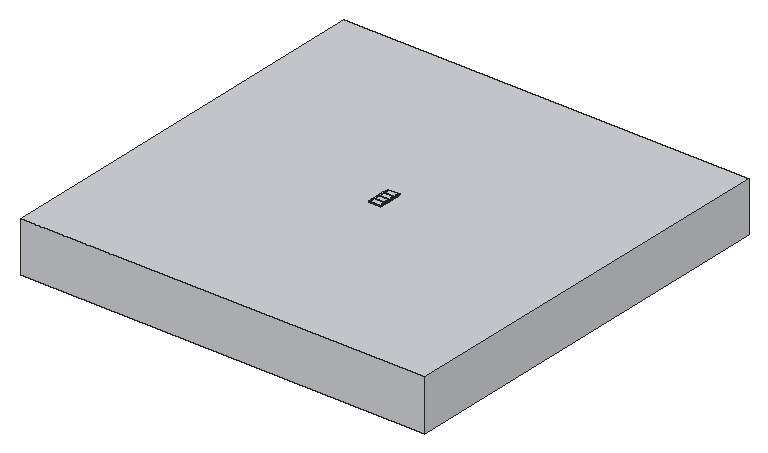
Revit family "Gira_2035112", category Elektroinstallationen, Revit 2017
Family settings
  Basisbauteil = Fläche
  Beschriftungsausrichtung beibehalten = Nein
  Bemaßung runder Anschluss = Durchmesser verwenden
  Teiletyp = Normal
  Beim Laden mit Abzugskörper schneiden = Nein
  Gemeinsam genutzt = Nein
  Raumberechnungspunkt = Nein
Parameters (values of type "KNX Tastsens.3 Komfort 4f (2+2) Flächenschalter Reinweiß")
  Werkstoffgüte = "Thermoplast"
  Werkstoff Text = "Kunststoff"
  Default Elevation = 1219.2 mm
  URL = "https://www.gira.de/"
  Typname = "KNX Tastsens.3 Komfort 4f (2+2) Flächenschalter Reinweiß"
  Type Comments = ""
  Transparent = no
  Schutzart (IP) = "IP20"
  RAL-Nummer (ähnlich) = 9010
  Produktseite = "https://media.stage.bim.site/t/eyJhbGciOiJIUzI1NiIsInR5cCI6IkpXVCJ9.eyJjdCI6MiwidHUiOiJodHRwOi8va2F0YWxvZy5naXJhLmRlL2RlX0RFL2RhdGVuYmxhdHQuaHRtbD9hcnRpa2VsbnI9MjAzNTExMiIsImNpZCI6IjMyNzdjYzIzLTgxYTktNGVlMy1hOTBhLWI0N2JiNGMwYjYxNiIsInJpZCI6IjM4MmRlMTA5N2NjZDYzZDA3MDg5NTM0YWY0NDNiYjU0IiwicGlkIjoiZjJhNmE5MTIyOWJlMDJkZjM4ZmNlNmU2ZGVkNjdlZGQ1MzFjNDg0NSIsInNpZCI6IjYzNDcwIiwidXQiOjEsImxjIjoiZGUiLCJpYXQiOjE2MDA5Mzg0NjcsImlzcyI6Imh0dHBzOi8vYXBpLmxpdmUuYmltLnNpdGUiLCJzdWIiOiJhZG1pbkBiaW1zaXRlLmRldiJ9.65-MGr-n7BuEOCiZ81IE1aITE_EVvcQxjluS4e5XafU"
  Oberfläche Text = "sonstige"
  Montageart = "Unterputz"
  Model = ""
  Mit Raumthermostat = yes
  Mit LED-Anzeige = yes
  Mit Infrarotsensor = no
  Mit Display = no
  Mit Diebstahl-/Demontageschutz = yes
  Mit Busankopplung = no
  Mit Beschriftungsfeld = no
  Kosten = 0
  Hersteller = "Gira"
  HeinzeBIM = "https://www.heinze.de/bim/knx-tastsens-3-komfort-4f-2-2-flaechenschalter-reinweiss/f2a6a91229be02df38fce6e6ded67edd531c4845"
  HAN = "2035112"
  GTIN = "4010337081869"
  Farbe = "weiß"
  Datenblatt 1 = "https://media.stage.bim.site/t/eyJhbGciOiJIUzI1NiIsInR5cCI6IkpXVCJ9.eyJjdCI6MSwidGYiOiJwdWJsaWMvZ2lyYS9hZThjNTU3LzIwMzUxMTIudHh0IiwiY2lkIjoiMzI3N2NjMjMtODFhOS00ZWUzLWE5MGEtYjQ3YmI0YzBiNjE2IiwicmlkIjoiMzgyZGUxMDk3Y2NkNjNkMDcwODk1MzRhZjQ0M2JiNTQiLCJwaWQiOiJmMmE2YTkxMjI5YmUwMmRmMzhmY2U2ZTZkZWQ2N2VkZDUzMWM0ODQ1Iiwic2lkIjoiNjM0NzAiLCJ1dCI6MSwibGMiOiJkZSIsImlhdCI6MTYwMDkzODQ2NywiaXNzIjoiaHR0cHM6Ly9hcGkubGl2ZS5iaW0uc2l0ZSIsInN1YiI6ImFkbWluQGJpbXNpdGUuZGV2In0.xkHaZbtO-FEhedEk_6X7svE_01_73lU4tHtet-8Xfls/2035112.txt"
  Datenblatt = "https://media.stage.bim.site/t/eyJhbGciOiJIUzI1NiIsInR5cCI6IkpXVCJ9.eyJjdCI6MSwidHUiOiJodHRwczovL2thdGFsb2cuZ2lyYS5kZS9kZV9ERS9kb3dubG9hZC5odG1sP2FydGlrZWxucj0yMDM1MTEyIiwiY2lkIjoiMzI3N2NjMjMtODFhOS00ZWUzLWE5MGEtYjQ3YmI0YzBiNjE2IiwicmlkIjoiMzgyZGUxMDk3Y2NkNjNkMDcwODk1MzRhZjQ0M2JiNTQiLCJwaWQiOiJmMmE2YTkxMjI5YmUwMmRmMzhmY2U2ZTZkZWQ2N2VkZDUzMWM0ODQ1Iiwic2lkIjoiNjM0NzAiLCJ1dCI6MSwibGMiOiJkZSIsImlhdCI6MTYwMDkzODQ2NywiaXNzIjoiaHR0cHM6Ly9hcGkubGl2ZS5iaW0uc2l0ZSIsInN1YiI6ImFkbWluQGJpbXNpdGUuZGV2In0.293ByvOb4UyshR2IKVllVKisuxpFXQ89JE99vZcgIrY"
  Bussystem Powernet = no
  Bussystem LON = no
  Bussystem KNX-Funk = no
  Bussystem KNX = yes
  Bussystem Funkbus = no
  Beschreibung = "KNX Tastsensor 3 Komfort 4fach (2+2)  Reinweiß glänzend Merkmale:  Montage auf Busankoppler 3.  Demontageschutz durch Verschraubung.  Zwei mehrfarbige Status-LEDs je Bedienfläche.  Integrierter Temperatursensor zum Messen und Weiterleiten der lokalen Raumtemperatur.  Wippen- oder Tastenfunktion für jede Bedienfläche einstellbar.  Wippenfunktion: Schalten, Dimmen, Jalousiesteuerung, Wertgeber 1 Byte, Wertgeber 2 Byte und Szenennebenstelle.  Tastenfunktion: Schalten, Dimmen, Jalousiesteuerung, Wertgeber 1 Byte, Wertgeber 2 Byte, Szenennebenstelle und Raumtemperaturregler-Nebenstelle.  Reglernebenstelle: Betriebsmodusumschaltung mit normaler und hoher Priorität, definierte Wahl eines Betriebsmodus, Wechsel zwischen verschiedenen Betriebsmodi, Wechsel des Präsenzzustands, Sollwertverschiebung.  Sperrobjekt zum Sperren von einzelnen Tasten- bzw. Wippenfunktionen.  Anzeige einer Alarmmeldung durch Blinken sämtlicher LEDs.  Mehrfarbige Status-LED (rot, grün, blau) ist global oder jeweils getrennt konfigurierbar. Über den Bus kann eine überlagerte Funktion aktiviert werden, wodurch Farbe und Anzeigeinformation einzelner Status-LEDs prioritätsbedingt verändert werden können.  Weiße Betriebs-LED.  Betriebs-LED EIN, AUS, automatische Abschaltung oder über Objekt schaltbar.  Kommunikationsobjekt zur Helligkeitssteuerung der Status-LED und Betriebs-LED (z. B. für nächtliche Reduzierung der Helligkeit in Schlafräumen).  Hinweise :  Professionelle Beschriftung über den Gira Beschriftungsservice www.beschriftung.gira.de."
  Assembly Code = ""
  Keynote = ""
  BIMSITE_PRODUCT_ID = "f2a6a91229be02df38fce6e6ded67edd531c4845"
  BIM = "https://media.stage.bim.site/t/eyJhbGciOiJIUzI1NiIsInR5cCI6IkpXVCJ9.eyJjdCI6MSwidGYiOiJwdWJsaWMvZ2lyYS9hZThjNTU3L0tOWCBUYXN0c2Vuc29yIDMgS29tZm9ydCA0ZmFjaCAoMisyKS5yZmEiLCJjaWQiOiIzMjc3Y2MyMy04MWE5LTRlZTMtYTkwYS1iNDdiYjRjMGI2MTYiLCJyaWQiOiIzODJkZTEwOTdjY2Q2M2QwNzA4OTUzNGFmNDQzYmI1NCIsInBpZCI6ImYyYTZhOTEyMjliZTAyZGYzOGZjZTZlNmRlZDY3ZWRkNTMxYzQ4NDUiLCJzaWQiOiI2MzQ3MCIsInV0Ijo1LCJsYyI6ImRlIiwiaWF0IjoxNjAwOTM4NDY3LCJpc3MiOiJodHRwczovL2FwaS5saXZlLmJpbS5zaXRlIiwic3ViIjoiYWRtaW5AYmltc2l0ZS5kZXYifQ.h3QU72MrwMOTZm4Dr8Y32EFpbOkRigAfPvg3wETpvF4/KNX Tastsensor 3 Komfort 4fach (2+2).rfa"
  Ausführung der Oberfläche = "glänzend"
  Anzahl der Tasten = 4
  Anzahl der Betätigungspunkte = 8
  Andere Bussysteme = "ohne"
Reference planes
  plane 1 "Center (Front/Back)": y = 0
  plane 2: z = 0
  plane 3 "Center (Left/Right)": x = 0
  plane 4: y = 71.03
  plane 5: y = -71.03
Forms (mm)
  Extrusion 1, solid
    sketch origin (0, 0, 0) x (1, 0, 0) y (0, 1, 0)
      loop
        line (-1219.2, 1219.2) -> (-1219.2, -1219.2) -> (1219.2, -1219.2) -> (1219.2, 1219.2) -> (-1219.2, 1219.2)
    from 0 to -304.8
  Extrusion 2, solid, not visible
    sketch origin (0, 0, 0) x (1, 0, 0) y (0, 1, 0)
      loop
        line (-1219.2, 1219.2) -> (-1219.2, -1219.2) -> (1219.2, -1219.2) -> (1219.2, 1219.2) -> (-1219.2, 1219.2)
    from 0 to -304.8
  Extrusion 3, solid, not visible, detail levels fine
    sketch origin (0, 0, 0) x (1, 0, 0) y (0, 0, 1)
      loop
        line (-35.204, 3.097) -> (-35.258, 0) -> (-34.021, 0) -> (-33.888, 1.9) -> (33.888, 1.9) -> (34.021, 0) -> (35.258, 0) -> (35.204, 3.097) -> (34.204, 3.884) -> (35.165, 5.362) -> (35.143, 6.6) -> (-35.143, 6.6) -> (-35.165, 5.362) -> (-34.204, 3.884) -> (-35.204, 3.097)
    from -35.386 to -0.115
  Extrusion 4, solid, not visible, detail levels fine
    sketch origin (0, 0, 0) x (1, 0, 0) y (0, 0, 1)
      loop
        line (-34.914, -3.101) -> (34.914, -3.101) -> (34.835, -1.601) -> (33.811, -1.601) -> (33.523, 1.699) -> (-33.523, 1.699) -> (-33.811, -1.601) -> (-34.835, -1.601) -> (-34.914, -3.101)
    from -35 to 34.963
  SweptBlend 5, solid, not visible, detail levels fine
    path origin (0, 0, 0) x (0, 1, 0) y (0, 0, 1)
      loop
        line (0, -4.751) -> (0, -3.101)
    profile origin (0, 0, -4.751) x (0, -1, 0) y (1, 0, 0)
      loop
        line (-33.684, -33.637) -> (33.649, -33.637) -> (33.649, 33.637) -> (-33.684, 33.637) -> (-33.684, -33.637)
    end profile origin (0, 0, -3.101) x (0, -1, 0) y (1, 0, 0)
      loop
        line (33.94, -33.987) -> (33.94, 33.987) -> (-34.035, 33.987) -> (-34.035, -33.987) -> (33.94, -33.987)
  Extrusion 6, solid, not visible, detail levels fine
    sketch origin (0, 0, 0) x (1, 0, 0) y (0, 1, 0)
      loop
        line (-23.957, 19.167) -> (-23.957, 7.073) -> (-25.607, 7.073) -> (-25.607, -7.04) -> (-23.957, -7.04) -> (-23.957, -19.133)
        arc (-23.957, -19.133) -> (-22.549, -22.532) -> (-19.15, -23.94) r 4.807
        line (-19.15, -23.94) -> (19.15, -23.94)
        arc (19.15, -23.94) -> (22.549, -22.532) -> (23.957, -19.133) r 4.807
        line (23.957, -19.133) -> (23.957, -7.04) -> (25.607, -7.04) -> (25.607, 7.073) -> (23.957, 7.073) -> (23.957, 19.167)
        arc (23.957, 19.167) -> (22.549, 22.565) -> (19.15, 23.973) r 4.807
        line (19.15, 23.973) -> (-19.15, 23.973)
        arc (-19.15, 23.973) -> (-22.549, 22.565) -> (-23.957, 19.167) r 4.807
      loop
        line (-23.8, 6.217) -> (-24.95, 6.217) -> (-24.95, -6.183) -> (-23.843, -6.183) -> (-17.1, -3.181) -> (-17.1, 3.214) -> (-23.8, 6.217)
      loop
        line (23.843, 6.217) -> (17.1, 3.214) -> (17.1, -3.181) -> (23.8, -6.183) -> (24.95, -6.183) -> (24.95, 6.217) -> (23.843, 6.217)
    from -4.501 to -7.001
  Extrusion 7, solid, not visible, detail levels fine
    sketch origin (0, 0, 0) x (1, 0, 0) y (0, 1, 0)
      loop
        line (18.766, 1.305) -> (18.766, -1.275) -> (21, -2.565) -> (23.234, -1.275) -> (23.234, 1.305) -> (21, 2.595) -> (18.766, 1.305)
      loop
        line (-23.234, 1.305) -> (-23.234, -1.275) -> (-21, -2.565) -> (-18.766, -1.275) -> (-18.766, 1.305) -> (-21, 2.595) -> (-23.234, 1.305)
    from -5.101 to -7.001
  Extrusion 8, solid, not visible, detail levels fine
    sketch origin (0, 0, 0) x (1, 0, 0) y (0, 1, 0)
      loop
        line (-6.603, -21.281) -> (-6.603, -15.981) -> (6.603, -15.981) -> (6.603, -21.281) -> (7.397, -21.281) -> (7.397, -15.186) -> (-7.397, -15.186) -> (-7.397, -21.281) -> (-6.603, -21.281)
    from -7.301 to -10.401
  Extrusion 9, solid, not visible, detail levels fine
    sketch origin (0, 0, 0) x (1, 0, 0) y (0, 1, 0)
      loop
        line (-8.504, -14.749) -> (-8.504, -22.758) -> (8.504, -22.758) -> (8.504, -14.749) -> (-8.504, -14.749)
      loop
        circle (-5.08, -17.483) r 0.5
      loop
        circle (-2.54, -17.483) r 0.5
      loop
        circle (0, -17.483) r 0.5
      loop
        circle (2.54, -17.483) r 0.5
      loop
        circle (5.08, -17.483) r 0.5
      loop
        circle (5.08, -20.023) r 0.5
      loop
        circle (2.54, -20.023) r 0.5
      loop
        circle (0, -20.023) r 0.5
      loop
        circle (-2.54, -20.023) r 0.5
      loop
        circle (-5.08, -20.023) r 0.5
    from -6.527 to -7.301
  Extrusion 10, solid, not visible, detail levels fine
    sketch origin (0, 0, 0) x (1, 0, 0) y (0, 1, 0)
      loop
        line (-6.603, -18.141) -> (-6.603, -15.981) -> (-0.888, -15.981) -> (-0.888, -15.186) -> (-7.397, -15.186) -> (-7.397, -18.141) -> (-6.603, -18.141)
      loop
        line (6.603, -18.141) -> (7.397, -18.141) -> (7.397, -15.186) -> (0.888, -15.186) -> (0.888, -15.981) -> (6.603, -15.981) -> (6.603, -18.141)
    from -10.401 to -15.001
  Extrusion 11, solid, not visible, detail levels fine
    sketch origin (0, 0, 0) x (1, 0, 0) y (0, 1, 0)
      loop
        line (-14.008, -23.94) -> (-14.008, -25.541) -> (-12.361, -25.541) -> (-12.361, -24.233) -> (-9.639, -24.233) -> (-9.639, -25.541) -> (-7.992, -25.541) -> (-7.992, -23.94) -> (-14.008, -23.94)
    from -4.501 to -6.101
  Extrusion 12, solid, not visible, detail levels fine
    sketch origin (0, 0, 0) x (-1, 0, 0) y (0, -1, 0)
      loop
        line (-14.008, 23.94) -> (-7.992, 23.94) -> (-7.992, 25.541) -> (-9.639, 25.541) -> (-9.639, 24.233) -> (-12.361, 24.233) -> (-12.361, 25.541) -> (-14.008, 25.541) -> (-14.008, 23.94)
    from -4.501 to -6.101
  Extrusion 13, solid, not visible, detail levels fine
    sketch origin (0, 0, 0) x (-1, 0, 0) y (0, -1, 0)
      loop
        line (-14.008, -23.867) -> (-14.008, -25.574) -> (-12.361, -25.574) -> (-12.361, -24.233) -> (-9.639, -24.233) -> (-9.639, -25.574) -> (-7.992, -25.574) -> (-7.992, -23.867) -> (-14.008, -23.867)
    from -4.501 to -6.101
  Extrusion 14, solid, not visible, detail levels fine
    sketch origin (0, 0, 0) x (1, 0, 0) y (0, 1, 0)
      loop
        line (-14.008, 23.867) -> (-7.992, 23.867) -> (-7.992, 25.574) -> (-9.639, 25.574) -> (-9.639, 24.233) -> (-12.361, 24.233) -> (-12.361, 25.574) -> (-14.008, 25.574) -> (-14.008, 23.867)
    from -4.501 to -6.101
  Revolve 15, solid, not visible, detail levels fine
    sketch origin (0, 17.743, 0) x (1, 0, 0) y (0, 0, 1)
      loop
        line (-29, 7) -> (-30.327, 6) -> (-28, 6) -> (-28, 7) -> (-29, 7)
      axis (-28, 7) -> (-28, 6)
    angle from 0 to 360
  Extrusion 16, solid, not visible, detail levels coarse
    sketch origin (0, 0, 0) x (1, 0, 0) y (0, 1, 0)
      loop
        line (35.258, 35.386) -> (-35.258, 35.386) -> (-35.258, -35.355) -> (35.258, -35.355) -> (35.258, 35.386)
    from -18.904 to 7
  Extrusion 17, solid, not visible, detail levels medium
    sketch origin (0, 0, 0) x (1, 0, 0) y (0, 1, 0)
      loop
        line (35.258, 35.386) -> (-35.258, 35.386) -> (-35.258, 0.115) -> (35.258, 0.115) -> (35.258, 35.386)
    from 0 to 7
  Extrusion 18, solid, not visible, detail levels medium
    sketch origin (0, 0, 0) x (1, 0, 0) y (0, 1, 0)
      loop
        line (-34.914, 35.017) -> (-34.914, -34.994) -> (34.914, -34.994) -> (34.914, 35.017) -> (-34.914, 35.017)
    from 0 to -4.754
  Extrusion 19, solid, not visible, detail levels medium
    sketch origin (0, 0, 0) x (1, 0, 0) y (0, 1, 0)
      loop
        line (-23.957, 23.973) -> (-23.957, -23.94) -> (23.957, -23.94) -> (23.957, 23.973) -> (-23.957, 23.973)
    from -7.001 to -4.751
  Extrusion 20, solid, not visible, detail levels medium
    sketch origin (0, 0, 0) x (1, 0, 0) y (0, 1, 0)
      loop
        line (-7.397, -15.186) -> (-7.397, -21.281) -> (7.397, -21.281) -> (7.397, -15.186) -> (-7.397, -15.186)
    from -15.001 to 0
  Extrusion 21, solid, not visible, detail levels fine
    sketch origin (0, 0, 0) x (1, 0, 0) y (0, 1, 0)
      loop
        circle (-21.002, 0.017) r 1.5
      loop
        circle (21.002, 0.017) r 1.5
    from -9.604 to -5.101
  Extrusion 22, solid, not visible, detail levels fine
    sketch origin (0, 0, 0) x (1, 0, 0) y (0, 0, 1)
      loop
        line (-24.092, -5.101) -> (-25.266, -10.462)
        arc (-25.266, -10.462) -> (-25.344, -11.857) -> (-24.981, -13.206) r 4.4
        line (-24.981, -13.206) -> (-23.425, -16.671) -> (-23.055, -17.494)
        arc (-23.055, -17.494) -> (-22.984, -18.085) -> (-23.262, -18.612) r 1
        arc (-23.262, -18.612) -> (-22.789, -18.919) -> (-22.319, -18.607) r 0.514
        arc (-22.319, -18.607) -> (-22.168, -17.886) -> (-22.326, -17.166) r 1.8
        line (-22.326, -17.166) -> (-22.695, -16.344) -> (-24.252, -12.879)
        arc (-24.252, -12.879) -> (-24.548, -11.775) -> (-24.484, -10.634) r 3.6
        line (-24.484, -10.634) -> (-23.273, -5.101) -> (-24.092, -5.101)
    from -5.999 to -3.15
  Extrusion 23, solid, not visible, detail levels fine
    sketch origin (0, 0, 0) x (1, 0, 0) y (0, 0, -1)
      loop
        line (-24.092, 5.101) -> (-23.273, 5.101) -> (-24.484, 10.634)
        arc (-24.484, 10.634) -> (-24.548, 11.775) -> (-24.252, 12.879) r 3.6
        line (-24.252, 12.879) -> (-22.695, 16.344) -> (-22.326, 17.166)
        arc (-22.326, 17.166) -> (-22.168, 17.886) -> (-22.319, 18.607) r 1.8
        arc (-22.319, 18.607) -> (-22.789, 18.919) -> (-23.262, 18.612) r 0.514
        arc (-23.262, 18.612) -> (-22.984, 18.085) -> (-23.055, 17.494) r 1
        line (-23.055, 17.494) -> (-23.425, 16.671) -> (-24.981, 13.206)
        arc (-24.981, 13.206) -> (-25.344, 11.857) -> (-25.266, 10.462) r 4.4
        line (-25.266, 10.462) -> (-24.092, 5.101)
    from -5.999 to -3.15
  Extrusion 24, solid, not visible, detail levels fine
    sketch origin (0, 0, 0) x (-1, 0, 0) y (0, 0, -1)
      loop
        line (-24.092, 5.101) -> (-23.273, 5.101) -> (-24.484, 10.634)
        arc (-24.484, 10.634) -> (-24.548, 11.775) -> (-24.252, 12.879) r 3.6
        line (-24.252, 12.879) -> (-22.695, 16.344) -> (-22.326, 17.166)
        arc (-22.326, 17.166) -> (-22.168, 17.886) -> (-22.319, 18.607) r 1.8
        arc (-22.319, 18.607) -> (-22.789, 18.919) -> (-23.262, 18.612) r 0.514
        arc (-23.262, 18.612) -> (-22.984, 18.085) -> (-23.055, 17.494) r 1
        line (-23.055, 17.494) -> (-23.425, 16.671) -> (-24.981, 13.206)
        arc (-24.981, 13.206) -> (-25.344, 11.857) -> (-25.266, 10.462) r 4.4
        line (-25.266, 10.462) -> (-24.092, 5.101)
    from -5.999 to -3.15
  Extrusion 25, solid, not visible, detail levels fine
    sketch origin (0, 0, 0) x (-1, 0, 0) y (0, 0, 1)
      loop
        line (-24.092, -5.101) -> (-25.266, -10.462)
        arc (-25.266, -10.462) -> (-25.344, -11.857) -> (-24.981, -13.206) r 4.4
        line (-24.981, -13.206) -> (-23.425, -16.671) -> (-23.055, -17.494)
        arc (-23.055, -17.494) -> (-22.984, -18.085) -> (-23.262, -18.612) r 1
        arc (-23.262, -18.612) -> (-22.789, -18.919) -> (-22.319, -18.607) r 0.514
        arc (-22.319, -18.607) -> (-22.168, -17.886) -> (-22.326, -17.166) r 1.8
        line (-22.326, -17.166) -> (-22.695, -16.344) -> (-24.252, -12.879)
        arc (-24.252, -12.879) -> (-24.548, -11.775) -> (-24.484, -10.634) r 3.6
        line (-24.484, -10.634) -> (-23.273, -5.101) -> (-24.092, -5.101)
    from -5.999 to -3.15
  Extrusion 26, solid, not visible, detail levels medium
    sketch origin (0, 0, 0) x (1, 0, 0) y (0, 0, 1)
      loop
        line (-22.422, -18.904) -> (-21.545, -18.904) -> (-24.739, -11.795) -> (-23.273, -5.101) -> (-24.092, -5.101) -> (-25.577, -11.881) -> (-22.422, -18.904)
    from -5.999 to 6
  Extrusion 27, solid, not visible, detail levels medium
    sketch origin (0, 0, 0) x (-1, 0, 0) y (0, 0, -1)
      loop
        line (-22.422, 18.904) -> (-25.577, 11.881) -> (-24.092, 5.101) -> (-23.273, 5.101) -> (-24.739, 11.795) -> (-21.545, 18.904) -> (-22.422, 18.904)
    from -5.999 to 6
  Extrusion 28, solid, not visible, detail levels medium
    sketch origin (0, 0, 0) x (1, 0, 0) y (0, 1, 0)
      loop
        line (-22.502, 1.517) -> (-22.502, -1.483) -> (-19.502, -1.483) -> (-19.502, 1.517) -> (-22.502, 1.517)
      loop
        line (22.502, 1.517) -> (19.502, 1.517) -> (19.502, -1.483) -> (22.502, -1.483) -> (22.502, 1.517)
    from -9.604 to -5.101
  Extrusion 29, solid, not visible, detail levels fine
    sketch origin (0, 0, 0) x (1, 0, 0) y (0, 0, -1)
      loop
        line (-35.204, -3.097) -> (-34.204, -3.884) -> (-35.165, -5.362) -> (-35.143, -6.6) -> (35.143, -6.6) -> (35.165, -5.362) -> (34.204, -3.884) -> (35.204, -3.097) -> (35.258, 0) -> (34.021, 0) -> (33.888, -1.9) -> (-33.888, -1.9) -> (-34.021, 0) -> (-35.258, 0) -> (-35.204, -3.097)
    from -35.386 to -0.115
  Extrusion 30, solid, not visible, detail levels medium
    sketch origin (0, 0, 0) x (1, 0, 0) y (0, 1, 0)
      loop
        line (35.258, -35.386) -> (35.258, -0.115) -> (-35.258, -0.115) -> (-35.258, -35.386) -> (35.258, -35.386)
    from 0 to 7
  Revolve 31, solid, not visible, detail levels fine
    sketch origin (0, -17.743, 0) x (1, 0, 0) y (0, 0, -1)
      loop
        line (-29, -7) -> (-28, -7) -> (-28, -6) -> (-30.327, -6) -> (-29, -7)
      axis (-28, -7) -> (-28, -6)
    angle from 0 to 360
  Revolve 32, solid, not visible, detail levels fine
    sketch origin (0, -17.743, 0) x (-1, 0, 0) y (0, 0, 1)
      loop
        line (-29, 7) -> (-30.327, 6) -> (-28, 6) -> (-28, 7) -> (-29, 7)
      axis (-28, 7) -> (-28, 6)
    angle from 0 to 360
  Revolve 33, solid, not visible, detail levels fine
    sketch origin (0, 17.743, 0) x (-1, 0, 0) y (0, 0, -1)
      loop
        line (-29, -7) -> (-28, -7) -> (-28, -6) -> (-30.327, -6) -> (-29, -7)
      axis (-28, -7) -> (-28, -6)
    angle from 0 to 360
  Extrusion 34, solid, detail levels fine
    sketch origin (0, 35.644, 0) x (1, 0, 0) y (0, 0, 1)
      loop
        line (-35.204, 3.097) -> (-35.258, 0) -> (-34.021, 0) -> (-33.888, 1.9) -> (33.888, 1.9) -> (34.021, 0) -> (35.258, 0) -> (35.204, 3.097) -> (34.204, 3.884) -> (35.165, 5.362) -> (35.143, 6.6) -> (-35.143, 6.6) -> (-35.165, 5.362) -> (-34.204, 3.884) -> (-35.204, 3.097)
    from -35.386 to -0.115
  Extrusion 35, solid, detail levels fine
    sketch origin (0, 35.644, 0) x (1, 0, 0) y (0, 0, 1)
      loop
        line (-34.914, -3.101) -> (34.914, -3.101) -> (34.835, -1.601) -> (33.811, -1.601) -> (33.523, 1.699) -> (-33.523, 1.699) -> (-33.811, -1.601) -> (-34.835, -1.601) -> (-34.914, -3.101)
    from -35 to 106.288
  SweptBlend 36, solid, detail levels fine
    path origin (0, 35.644, 0) x (0, 1, 0) y (0, 0, 1)
      loop
        line (0, -4.751) -> (0, -3.101)
    profile origin (0, 35.644, -4.751) x (0, -1, 0) y (1, 0, 0)
      loop
        line (-33.684, -33.637) -> (104.972, -33.637) -> (104.972, 33.637) -> (-33.684, 33.637) -> (-33.684, -33.637)
    end profile origin (0, 35.644, -3.101) x (0, -1, 0) y (1, 0, 0)
      loop
        line (-34.035, -33.987) -> (105.323, -33.987) -> (105.323, 33.987) -> (-34.035, 33.987) -> (-34.035, -33.987)
  Extrusion 37, solid, detail levels fine
    sketch origin (0, 35.644, 0) x (1, 0, 0) y (0, 1, 0)
      loop
        line (-23.957, 19.167) -> (-23.957, 7.073) -> (-25.607, 7.073) -> (-25.607, -7.04) -> (-23.957, -7.04) -> (-23.957, -19.133)
        arc (-23.957, -19.133) -> (-22.549, -22.532) -> (-19.15, -23.94) r 4.807
        line (-19.15, -23.94) -> (19.15, -23.94)
        arc (19.15, -23.94) -> (22.549, -22.532) -> (23.957, -19.133) r 4.807
        line (23.957, -19.133) -> (23.957, -7.04) -> (25.607, -7.04) -> (25.607, 7.073) -> (23.957, 7.073) -> (23.957, 19.167)
        arc (23.957, 19.167) -> (22.549, 22.565) -> (19.15, 23.973) r 4.807
        line (19.15, 23.973) -> (-19.15, 23.973)
        arc (-19.15, 23.973) -> (-22.549, 22.565) -> (-23.957, 19.167) r 4.807
      loop
        line (-23.8, 6.217) -> (-24.95, 6.217) -> (-24.95, -6.183) -> (-23.843, -6.183) -> (-17.1, -3.181) -> (-17.1, 3.214) -> (-23.8, 6.217)
      loop
        line (23.843, 6.217) -> (17.1, 3.214) -> (17.1, -3.181) -> (23.8, -6.183) -> (24.95, -6.183) -> (24.95, 6.217) -> (23.843, 6.217)
    from -4.501 to -7.001
  Extrusion 38, solid, detail levels fine
    sketch origin (0, 35.644, 0) x (1, 0, 0) y (0, 1, 0)
      loop
        line (18.766, 1.305) -> (18.766, -1.275) -> (21, -2.565) -> (23.234, -1.275) -> (23.234, 1.305) -> (21, 2.595) -> (18.766, 1.305)
      loop
        line (-23.234, 1.305) -> (-23.234, -1.275) -> (-21, -2.565) -> (-18.766, -1.275) -> (-18.766, 1.305) -> (-21, 2.595) -> (-23.234, 1.305)
    from -5.101 to -7.001
  Extrusion 39, solid, detail levels fine
    sketch origin (0, 35.644, 0) x (1, 0, 0) y (0, 1, 0)
      loop
        line (-6.603, -21.281) -> (-6.603, -15.981) -> (6.603, -15.981) -> (6.603, -21.281) -> (7.397, -21.281) -> (7.397, -15.186) -> (-7.397, -15.186) -> (-7.397, -21.281) -> (-6.603, -21.281)
    from -7.301 to -10.401
  Extrusion 40, solid, detail levels fine
    sketch origin (0, 35.644, 0) x (1, 0, 0) y (0, 1, 0)
      loop
        line (-8.504, -14.749) -> (-8.504, -22.758) -> (8.504, -22.758) -> (8.504, -14.749) -> (-8.504, -14.749)
      loop
        circle (-5.08, -17.483) r 0.5
      loop
        circle (-2.54, -17.483) r 0.5
      loop
        circle (0, -17.483) r 0.5
      loop
        circle (2.54, -17.483) r 0.5
      loop
        circle (5.08, -17.483) r 0.5
      loop
        circle (5.08, -20.023) r 0.5
      loop
        circle (2.54, -20.023) r 0.5
      loop
        circle (0, -20.023) r 0.5
      loop
        circle (-2.54, -20.023) r 0.5
      loop
        circle (-5.08, -20.023) r 0.5
    from -6.527 to -7.301
  Extrusion 41, solid, detail levels fine
    sketch origin (0, 35.644, 0) x (1, 0, 0) y (0, 1, 0)
      loop
        line (-6.603, -18.141) -> (-6.603, -15.981) -> (-0.888, -15.981) -> (-0.888, -15.186) -> (-7.397, -15.186) -> (-7.397, -18.141) -> (-6.603, -18.141)
      loop
        line (6.603, -18.141) -> (7.397, -18.141) -> (7.397, -15.186) -> (0.888, -15.186) -> (0.888, -15.981) -> (6.603, -15.981) -> (6.603, -18.141)
    from -10.401 to -15.001
  Extrusion 42, solid, detail levels fine
    sketch origin (0, 35.644, 0) x (1, 0, 0) y (0, 1, 0)
      loop
        line (-14.008, -23.94) -> (-14.008, -25.541) -> (-12.361, -25.541) -> (-12.361, -24.233) -> (-9.639, -24.233) -> (-9.639, -25.541) -> (-7.992, -25.541) -> (-7.992, -23.94) -> (-14.008, -23.94)
    from -4.501 to -6.101
  Extrusion 43, solid, detail levels fine
    sketch origin (0, 35.644, 0) x (-1, 0, 0) y (0, -1, 0)
      loop
        line (-14.008, 23.94) -> (-7.992, 23.94) -> (-7.992, 25.541) -> (-9.639, 25.541) -> (-9.639, 24.233) -> (-12.361, 24.233) -> (-12.361, 25.541) -> (-14.008, 25.541) -> (-14.008, 23.94)
    from -4.501 to -6.101
  Extrusion 44, solid, detail levels fine
    sketch origin (0, 35.644, 0) x (-1, 0, 0) y (0, -1, 0)
      loop
        line (-14.008, -23.867) -> (-14.008, -25.574) -> (-12.361, -25.574) -> (-12.361, -24.233) -> (-9.639, -24.233) -> (-9.639, -25.574) -> (-7.992, -25.574) -> (-7.992, -23.867) -> (-14.008, -23.867)
    from -4.501 to -6.101
  Extrusion 45, solid, detail levels fine
    sketch origin (0, 35.644, 0) x (1, 0, 0) y (0, 1, 0)
      loop
        line (-14.008, 23.867) -> (-7.992, 23.867) -> (-7.992, 25.574) -> (-9.639, 25.574) -> (-9.639, 24.233) -> (-12.361, 24.233) -> (-12.361, 25.574) -> (-14.008, 25.574) -> (-14.008, 23.867)
    from -4.501 to -6.101
  Revolve 46, solid, detail levels fine
    sketch origin (0, 53.387, 0) x (1, 0, 0) y (0, 0, 1)
      loop
        line (-29, 7) -> (-30.327, 6) -> (-28, 6) -> (-28, 7) -> (-29, 7)
      axis (-28, 7) -> (-28, 6)
    angle from 0 to 360
  Extrusion 47, solid, detail levels coarse
    sketch origin (0, 35.644, 0) x (1, 0, 0) y (0, 1, 0)
      loop
        line (35.258, 35.386) -> (-35.258, 35.386) -> (-35.258, -106.674) -> (35.258, -106.674) -> (35.258, 35.386)
    from -18.904 to 7
  Extrusion 48, solid, detail levels medium
    sketch origin (0, 35.644, 0) x (1, 0, 0) y (0, 1, 0)
      loop
        line (35.258, 35.386) -> (-35.258, 35.386) -> (-35.258, 0.115) -> (35.258, 0.115) -> (35.258, 35.386)
    from 0 to 7
  Extrusion 49, solid, detail levels medium
    sketch origin (0, 35.644, 0) x (1, 0, 0) y (0, 1, 0)
      loop
        line (-34.914, 35.017) -> (-34.914, -106.312) -> (34.914, -106.312) -> (34.914, 35.017) -> (-34.914, 35.017)
    from 0 to -4.754
  Extrusion 50, solid, detail levels medium
    sketch origin (0, 35.644, 0) x (1, 0, 0) y (0, 1, 0)
      loop
        line (-23.957, 23.973) -> (-23.957, -23.94) -> (23.957, -23.94) -> (23.957, 23.973) -> (-23.957, 23.973)
    from -7.001 to -4.751
  Extrusion 51, solid, detail levels medium
    sketch origin (0, 35.644, 0) x (1, 0, 0) y (0, 1, 0)
      loop
        line (-7.397, -15.186) -> (-7.397, -21.281) -> (7.397, -21.281) -> (7.397, -15.186) -> (-7.397, -15.186)
    from -15.001 to 0
  Extrusion 52, solid, detail levels fine
    sketch origin (0, 35.644, 0) x (1, 0, 0) y (0, 1, 0)
      loop
        circle (-21.002, 0.017) r 1.5
      loop
        circle (21.002, 0.017) r 1.5
    from -9.604 to -5.101
  Extrusion 53, solid, detail levels fine
    sketch origin (0, 35.644, 0) x (1, 0, 0) y (0, 0, 1)
      loop
        line (-24.092, -5.101) -> (-25.266, -10.462)
        arc (-25.266, -10.462) -> (-25.344, -11.857) -> (-24.981, -13.206) r 4.4
        line (-24.981, -13.206) -> (-23.425, -16.671) -> (-23.055, -17.494)
        arc (-23.055, -17.494) -> (-22.984, -18.085) -> (-23.262, -18.612) r 1
        arc (-23.262, -18.612) -> (-22.789, -18.919) -> (-22.319, -18.607) r 0.514
        arc (-22.319, -18.607) -> (-22.168, -17.886) -> (-22.326, -17.166) r 1.8
        line (-22.326, -17.166) -> (-22.695, -16.344) -> (-24.252, -12.879)
        arc (-24.252, -12.879) -> (-24.548, -11.775) -> (-24.484, -10.634) r 3.6
        line (-24.484, -10.634) -> (-23.273, -5.101) -> (-24.092, -5.101)
    from -5.999 to -3.15
  Extrusion 54, solid, detail levels fine
    sketch origin (0, 35.644, 0) x (1, 0, 0) y (0, 0, -1)
      loop
        line (-24.092, 5.101) -> (-23.273, 5.101) -> (-24.484, 10.634)
        arc (-24.484, 10.634) -> (-24.548, 11.775) -> (-24.252, 12.879) r 3.6
        line (-24.252, 12.879) -> (-22.695, 16.344) -> (-22.326, 17.166)
        arc (-22.326, 17.166) -> (-22.168, 17.886) -> (-22.319, 18.607) r 1.8
        arc (-22.319, 18.607) -> (-22.789, 18.919) -> (-23.262, 18.612) r 0.514
        arc (-23.262, 18.612) -> (-22.984, 18.085) -> (-23.055, 17.494) r 1
        line (-23.055, 17.494) -> (-23.425, 16.671) -> (-24.981, 13.206)
        arc (-24.981, 13.206) -> (-25.344, 11.857) -> (-25.266, 10.462) r 4.4
        line (-25.266, 10.462) -> (-24.092, 5.101)
    from -5.999 to -3.15
  Extrusion 55, solid, detail levels fine
    sketch origin (0, 35.644, 0) x (-1, 0, 0) y (0, 0, -1)
      loop
        line (-24.092, 5.101) -> (-23.273, 5.101) -> (-24.484, 10.634)
        arc (-24.484, 10.634) -> (-24.548, 11.775) -> (-24.252, 12.879) r 3.6
        line (-24.252, 12.879) -> (-22.695, 16.344) -> (-22.326, 17.166)
        arc (-22.326, 17.166) -> (-22.168, 17.886) -> (-22.319, 18.607) r 1.8
        arc (-22.319, 18.607) -> (-22.789, 18.919) -> (-23.262, 18.612) r 0.514
        arc (-23.262, 18.612) -> (-22.984, 18.085) -> (-23.055, 17.494) r 1
        line (-23.055, 17.494) -> (-23.425, 16.671) -> (-24.981, 13.206)
        arc (-24.981, 13.206) -> (-25.344, 11.857) -> (-25.266, 10.462) r 4.4
        line (-25.266, 10.462) -> (-24.092, 5.101)
    from -5.999 to -3.15
  Extrusion 56, solid, detail levels fine
    sketch origin (0, 35.644, 0) x (-1, 0, 0) y (0, 0, 1)
      loop
        line (-24.092, -5.101) -> (-25.266, -10.462)
        arc (-25.266, -10.462) -> (-25.344, -11.857) -> (-24.981, -13.206) r 4.4
        line (-24.981, -13.206) -> (-23.425, -16.671) -> (-23.055, -17.494)
        arc (-23.055, -17.494) -> (-22.984, -18.085) -> (-23.262, -18.612) r 1
        arc (-23.262, -18.612) -> (-22.789, -18.919) -> (-22.319, -18.607) r 0.514
        arc (-22.319, -18.607) -> (-22.168, -17.886) -> (-22.326, -17.166) r 1.8
        line (-22.326, -17.166) -> (-22.695, -16.344) -> (-24.252, -12.879)
        arc (-24.252, -12.879) -> (-24.548, -11.775) -> (-24.484, -10.634) r 3.6
        line (-24.484, -10.634) -> (-23.273, -5.101) -> (-24.092, -5.101)
    from -5.999 to -3.15
  Extrusion 57, solid, detail levels medium
    sketch origin (0, 35.644, 0) x (1, 0, 0) y (0, 0, 1)
      loop
        line (-22.422, -18.904) -> (-21.545, -18.904) -> (-24.739, -11.795) -> (-23.273, -5.101) -> (-24.092, -5.101) -> (-25.577, -11.881) -> (-22.422, -18.904)
    from -5.999 to 6
  Extrusion 58, solid, detail levels medium
    sketch origin (0, 35.644, 0) x (-1, 0, 0) y (0, 0, -1)
      loop
        line (-22.422, 18.904) -> (-25.577, 11.881) -> (-24.092, 5.101) -> (-23.273, 5.101) -> (-24.739, 11.795) -> (-21.545, 18.904) -> (-22.422, 18.904)
    from -5.999 to 6
  Extrusion 59, solid, detail levels medium
    sketch origin (0, 35.644, 0) x (1, 0, 0) y (0, 1, 0)
      loop
        line (-22.502, 1.517) -> (-22.502, -1.483) -> (-19.502, -1.483) -> (-19.502, 1.517) -> (-22.502, 1.517)
      loop
        line (22.502, 1.517) -> (19.502, 1.517) -> (19.502, -1.483) -> (22.502, -1.483) -> (22.502, 1.517)
    from -9.604 to -5.101
  Extrusion 60, solid, detail levels fine
    sketch origin (0, 35.644, 0) x (1, 0, 0) y (0, 0, -1)
      loop
        line (-35.204, -3.097) -> (-34.204, -3.884) -> (-35.165, -5.362) -> (-35.143, -6.6) -> (35.143, -6.6) -> (35.165, -5.362) -> (34.204, -3.884) -> (35.204, -3.097) -> (35.258, 0) -> (34.021, 0) -> (33.888, -1.9) -> (-33.888, -1.9) -> (-34.021, 0) -> (-35.258, 0) -> (-35.204, -3.097)
    from -35.386 to -0.115
  Extrusion 61, solid, detail levels medium
    sketch origin (0, 35.644, 0) x (1, 0, 0) y (0, 1, 0)
      loop
        line (35.258, -35.386) -> (35.258, -0.115) -> (-35.258, -0.115) -> (-35.258, -35.386) -> (35.258, -35.386)
    from 0 to 7
  Revolve 62, solid, detail levels fine
    sketch origin (0, 17.901, 0) x (1, 0, 0) y (0, 0, -1)
      loop
        line (-29, -7) -> (-28, -7) -> (-28, -6) -> (-30.327, -6) -> (-29, -7)
      axis (-28, -7) -> (-28, -6)
    angle from 0 to 360
  Revolve 63, solid, detail levels fine
    sketch origin (0, 17.901, 0) x (-1, 0, 0) y (0, 0, 1)
      loop
        line (-29, 7) -> (-30.327, 6) -> (-28, 6) -> (-28, 7) -> (-29, 7)
      axis (-28, 7) -> (-28, 6)
    angle from 0 to 360
  Revolve 64, solid, detail levels fine
    sketch origin (0, 53.387, 0) x (-1, 0, 0) y (0, 0, -1)
      loop
        line (-29, -7) -> (-28, -7) -> (-28, -6) -> (-30.327, -6) -> (-29, -7)
      axis (-28, -7) -> (-28, -6)
    angle from 0 to 360
  Extrusion 65, solid, detail levels medium
    sketch origin (0, -35.644, 0) x (1, 0, 0) y (0, 1, 0)
      loop
        line (35.258, 35.386) -> (-35.258, 35.386) -> (-35.258, 0.115) -> (35.258, 0.115) -> (35.258, 35.386)
    from 0 to 7
  Extrusion 66, solid, detail levels medium
    sketch origin (0, -35.644, 0) x (1, 0, 0) y (0, 1, 0)
      loop
        line (35.258, -35.386) -> (35.258, -0.115) -> (-35.258, -0.115) -> (-35.258, -35.386) -> (35.258, -35.386)
    from 0 to 7
  Extrusion 67, solid, detail levels fine
    sketch origin (0, -35.644, 0) x (1, 0, 0) y (0, 0, 1)
      loop
        line (-35.204, 3.097) -> (-35.258, 0) -> (-34.021, 0) -> (-33.888, 1.9) -> (33.888, 1.9) -> (34.021, 0) -> (35.258, 0) -> (35.204, 3.097) -> (34.204, 3.884) -> (35.165, 5.362) -> (35.143, 6.6) -> (-35.143, 6.6) -> (-35.165, 5.362) -> (-34.204, 3.884) -> (-35.204, 3.097)
    from -35.386 to -0.115
  Extrusion 68, solid, detail levels fine
    sketch origin (0, -35.644, 0) x (1, 0, 0) y (0, 0, -1)
      loop
        line (-35.204, -3.097) -> (-34.204, -3.884) -> (-35.165, -5.362) -> (-35.143, -6.6) -> (35.143, -6.6) -> (35.165, -5.362) -> (34.204, -3.884) -> (35.204, -3.097) -> (35.258, 0) -> (34.021, 0) -> (33.888, -1.9) -> (-33.888, -1.9) -> (-34.021, 0) -> (-35.258, 0) -> (-35.204, -3.097)
    from -35.386 to -0.115
  Revolve 69, solid, detail levels fine
    sketch origin (0, -17.901, 0) x (1, 0, 0) y (0, 0, 1)
      loop
        line (-29, 7) -> (-30.327, 6) -> (-28, 6) -> (-28, 7) -> (-29, 7)
      axis (-28, 7) -> (-28, 6)
    angle from 0 to 360
  Revolve 70, solid, detail levels fine
    sketch origin (0, -17.901, 0) x (-1, 0, 0) y (0, 0, -1)
      loop
        line (-29, -7) -> (-28, -7) -> (-28, -6) -> (-30.327, -6) -> (-29, -7)
      axis (-28, -7) -> (-28, -6)
    angle from 0 to 360
  Revolve 71, solid, detail levels fine
    sketch origin (0, -53.387, 0) x (-1, 0, 0) y (0, 0, 1)
      loop
        line (-29, 7) -> (-30.327, 6) -> (-28, 6) -> (-28, 7) -> (-29, 7)
      axis (-28, 7) -> (-28, 6)
    angle from 0 to 360
  Revolve 72, solid, detail levels fine
    sketch origin (0, -53.387, 0) x (1, 0, 0) y (0, 0, -1)
      loop
        line (-29, -7) -> (-28, -7) -> (-28, -6) -> (-30.327, -6) -> (-29, -7)
      axis (-28, -7) -> (-28, -6)
    angle from 0 to 360
  Extrusion 73, solid, detail levels medium
    sketch origin (0, -35.644, 0) x (1, 0, 0) y (0, 1, 0)
      loop
        line (-23.957, -23.973) -> (23.957, -23.973) -> (23.957, 23.94) -> (-23.957, 23.94) -> (-23.957, -23.973)
    from -7.001 to -4.751
  Extrusion 74, solid, detail levels fine
    sketch origin (0, -35.644, 0) x (-1, 0, 0) y (0, -1, 0)
      loop
        line (-14.008, 23.867) -> (-7.992, 23.867) -> (-7.992, 25.574) -> (-9.639, 25.574) -> (-9.639, 24.233) -> (-12.361, 24.233) -> (-12.361, 25.574) -> (-14.008, 25.574) -> (-14.008, 23.867)
    from -4.501 to -6.101
  Extrusion 75, solid, detail levels fine
    sketch origin (0, -35.644, 0) x (1, 0, 0) y (0, 1, 0)
      loop
        line (-14.008, -23.867) -> (-14.008, -25.574) -> (-12.361, -25.574) -> (-12.361, -24.233) -> (-9.639, -24.233) -> (-9.639, -25.574) -> (-7.992, -25.574) -> (-7.992, -23.867) -> (-14.008, -23.867)
    from -4.501 to -6.101
  Extrusion 76, solid, detail levels fine
    sketch origin (0, -35.644, 0) x (1, 0, 0) y (0, 1, 0)
      loop
        line (-14.008, 23.94) -> (-7.992, 23.94) -> (-7.992, 25.541) -> (-9.639, 25.541) -> (-9.639, 24.233) -> (-12.361, 24.233) -> (-12.361, 25.541) -> (-14.008, 25.541) -> (-14.008, 23.94)
    from -4.501 to -6.101
  Extrusion 77, solid, detail levels fine
    sketch origin (0, -35.644, 0) x (-1, 0, 0) y (0, -1, 0)
      loop
        line (-14.008, -23.94) -> (-14.008, -25.541) -> (-12.361, -25.541) -> (-12.361, -24.233) -> (-9.639, -24.233) -> (-9.639, -25.541) -> (-7.992, -25.541) -> (-7.992, -23.94) -> (-14.008, -23.94)
    from -4.501 to -6.101
  Extrusion 78, solid, detail levels fine
    sketch origin (0, -35.644, 0) x (1, 0, 0) y (0, 1, 0)
      loop
        arc (-23.957, -19.167) -> (-22.549, -22.565) -> (-19.15, -23.973) r 4.807
        line (-19.15, -23.973) -> (19.15, -23.973)
        arc (19.15, -23.973) -> (22.549, -22.565) -> (23.957, -19.167) r 4.807
        line (23.957, -19.167) -> (23.957, -7.073) -> (25.607, -7.073) -> (25.607, 7.04) -> (23.957, 7.04) -> (23.957, 19.133)
        arc (23.957, 19.133) -> (22.549, 22.532) -> (19.15, 23.94) r 4.807
        line (19.15, 23.94) -> (-19.15, 23.94)
        arc (-19.15, 23.94) -> (-22.549, 22.532) -> (-23.957, 19.133) r 4.807
        line (-23.957, 19.133) -> (-23.957, 7.04) -> (-25.607, 7.04) -> (-25.607, -7.073) -> (-23.957, -7.073) -> (-23.957, -19.167)
      loop
        line (-23.8, -6.217) -> (-17.1, -3.214) -> (-17.1, 3.181) -> (-23.843, 6.183) -> (-24.95, 6.183) -> (-24.95, -6.217) -> (-23.8, -6.217)
      loop
        line (23.843, -6.217) -> (24.95, -6.217) -> (24.95, 6.183) -> (23.8, 6.183) -> (17.1, 3.181) -> (17.1, -3.214) -> (23.843, -6.217)
    from -4.501 to -7.001
  Extrusion 79, solid, detail levels fine
    sketch origin (0, -35.644, 0) x (1, 0, 0) y (0, 1, 0)
      loop
        line (18.766, -1.305) -> (21, -2.595) -> (23.234, -1.305) -> (23.234, 1.275) -> (21, 2.565) -> (18.766, 1.275) -> (18.766, -1.305)
      loop
        line (-23.234, -1.305) -> (-21, -2.595) -> (-18.766, -1.305) -> (-18.766, 1.275) -> (-21, 2.565) -> (-23.234, 1.275) -> (-23.234, -1.305)
    from -5.101 to -7.001
  Extrusion 80, solid, detail levels fine
    sketch origin (0, -35.644, 0) x (1, 0, 0) y (0, 1, 0)
      loop
        circle (-21.002, -0.017) r 3.5
      loop
        circle (21.002, -0.017) r 3.5
    from -7.4 to -6.1
  Extrusion 81, solid, detail levels medium
    sketch origin (0, -35.644, 0) x (1, 0, 0) y (0, 1, 0)
      loop
        line (-24.502, 3.483) -> (-24.502, -3.517) -> (-17.502, -3.517) -> (-17.502, 3.483) -> (-24.502, 3.483)
      loop
        line (24.502, 3.483) -> (17.502, 3.483) -> (17.502, -3.517) -> (24.502, -3.517) -> (24.502, 3.483)
    from -7.4 to -5.5
Lines and regions (mm)
  model lines
    curve 1: line (-35.258, 61.219, 0) -> (35.258, 61.219, 0)
    curve 2: line (0, -70.808, 0) -> (0, 70.808, 0)
    curve 3: line (-34.514, 70.841, 0) -> (-34.514, 0, 0)
  reference lines
    curve 4: line (0, 71.03, 0) -> (0, -71.03, 0)
Dimensions and locks
  aligned and locked: plane 2 to Extrusion 1
  aligned and locked: level to Extrusion 1
Connectors
  electrical at (0, 16.891, -7.301)
    settings: on Extrusion 40, index 1, voltage 220 V, apparent load 0 VA, apparent load phase1 0 VA, apparent load phase2 0 VA, apparent load phase3 0 VA, power factor 1, load classification "Other", number of poles 1, system type 31, power factor state 1, is connector primary yes, connector utility no, sub classification motor no, connector description ""
